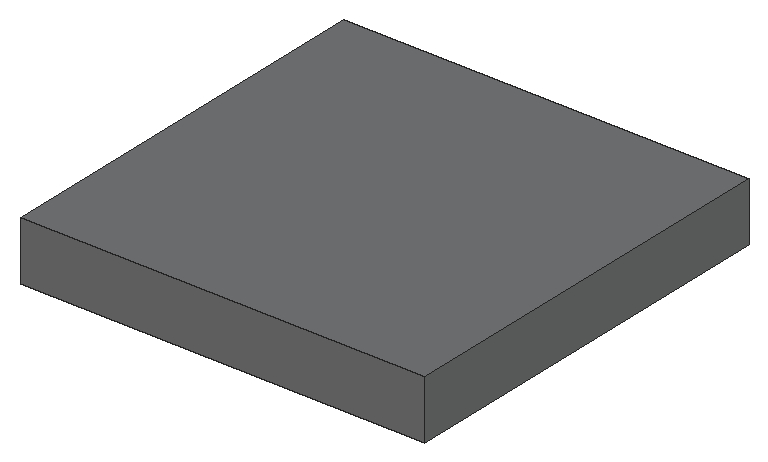
Revit family "Gira_0285600", category Electrical Fixtures, host Face, Revit 2017
Family settings
  Host = Face
  Maintain Annotation Orientation = No
  Round Connector Dimension = Use Diameter
  Part Type = Normal
  Cut with Voids When Loaded = No
  Shared = No
  Room Calculation Point = No
Parameters (values of type "Rocker sym.light System 55 stainl.steel")
  With label area = "No"
  With exchangeable lens/symbol = "No"
  Utilization = "Switch/push button"
  URL = "http://katalog.gira.de/en/datenblatt.html?artikelnr=0285600"
  Type of fastening = "Clamp mounting"
  Surface protection = "Other"
  Suitable for touch sensor connector for bus system = "No"
  Suitable for degree of protection (IP) = "IP20"
  Scannable symbol / barrier free = "No"
  Name = "Rocker sym.light System 55 stainl.steel"
  Monitoring window/light outlet = "No"
  Model = "Single rocker"
  Material quality = "Stainless steel"
  Material = "Metal"
  Manufacturer URL = "https://www.gira.de/"
  Manufacturer = "Gira"
  Keynote = ""
  Imprint/indication = "Symbol \"Licht\" (*de-DE)"
  HeinzeBIM = "https://bimportal.heinze.de/bim/rocker-sym-light-system-55-stainl-steel/783e5e00b1190c4c38ddbeb02e49f38fc49a935d"
  Halogen free = "No"
  HAN = "0285600"
  GTIN = "4010337021681"
  Description = "Rock.sym.light Sys55 SST,Rocker with symbol,Light,Stainless steel,"
  Default Elevation = 1219.2 mm
  Data sheet (1) = "https://katalog.gira.de/en/download.html?artikelnr=0285600"
  Colour = "Stainless steel"
  Category = "Control element/cover plate for domestic switching devices"
  BIM (1) = "https://media.stage.bim.site/public/gira/36a6b08/Sys55_Abdeckung_Schalten und Tasten.rfa?public/gira/36a6b08/Sys55_Abdeckung_Schalten und Tasten.rfa"
  Available = "No"
  Anthrazit [instance] = Anthrazit
Reference planes
  plane 1 "Center (Front/Back)": y = 0
  plane 2: z = 0
  plane 3 "Center (Left/Right)": x = 0
Forms (mm)
  Extrusion 1, solid, material "Anthrazit" <- "Anthrazit", detail levels fine
    sketch origin (0, 0, 0) x (1, 0, 0) y (0, 1, 0)
      loop
        line (-27.5, 27.5) -> (-27.5, -27.5) -> (27.5, -27.5) -> (27.5, 27.5) -> (-27.5, 27.5)
    from 0 to 8
  Extrusion 2, void
    sketch origin (0, 0, 0) x (1, 0, 0) y (0, 1, 0)
      loop
        line (26, 26) -> (-26, 26) -> (-26, -26) -> (26, -26) -> (26, 26)
    from 0 to 6
  Extrusion 3, solid, material "Anthrazit" <- "Anthrazit", detail levels medium
    sketch origin (0, 0, 0) x (1, 0, 0) y (0, 1, 0)
      loop
        line (-27.5, 27.5) -> (-27.5, -27.5) -> (27.5, -27.5) -> (27.5, 27.5) -> (-27.5, 27.5)
    from 0 to 8
  Extrusion 4, solid, material "Anthrazit" <- "Anthrazit", detail levels medium
    sketch origin (0, 0, 0) x (1, 0, 0) y (0, 1, 0)
      loop
        line (11, -17.5) -> (11, 17.5) -> (-11, 17.5) -> (-11, -17.5) -> (11, -17.5)
    from -6 to 6
  Extrusion 5, solid, material "Anthrazit" <- "Anthrazit", detail levels fine
    sketch origin (0, 0, 0) x (1, 0, 0) y (0, 1, 0)
      loop
        line (11, 17.5) -> (-11, 17.5) -> (-11, 16.5) -> (11, 16.5) -> (11, 17.5)
      loop
        line (-11, -16.5) -> (-11, -17.5) -> (11, -17.5) -> (11, -16.5) -> (-11, -16.5)
    from -4 to 6
  Extrusion 6, solid, material "Anthrazit" <- "Anthrazit", detail levels fine
    sketch origin (0, 0, 0) x (1, 0, 0) y (0, 1, 0)
      loop
        arc (5, 9.347) -> (0, 10.6) -> (-5, 9.347) r 10.6
        line (-5, 9.347) -> (-5, -9.347)
        arc (-5, -9.347) -> (0, -10.6) -> (5, -9.347) r 10.6
        line (5, -9.347) -> (5, 9.347)
    from -6 to 6
  Extrusion 7, solid, material "Anthrazit" <- "Anthrazit", detail levels coarse
    sketch origin (0, 0, 0) x (1, 0, 0) y (0, 1, 0)
      loop
        line (-27.5, 27.5) -> (-27.5, -27.5) -> (27.5, -27.5) -> (27.5, 27.5) -> (-27.5, 27.5)
    from -6 to 8
Cuts and joins
  Extrusion 2 cuts Extrusion 1
Dimensions and locks
  aligned and locked: plane 2 to host face
  aligned and locked: level to host face
